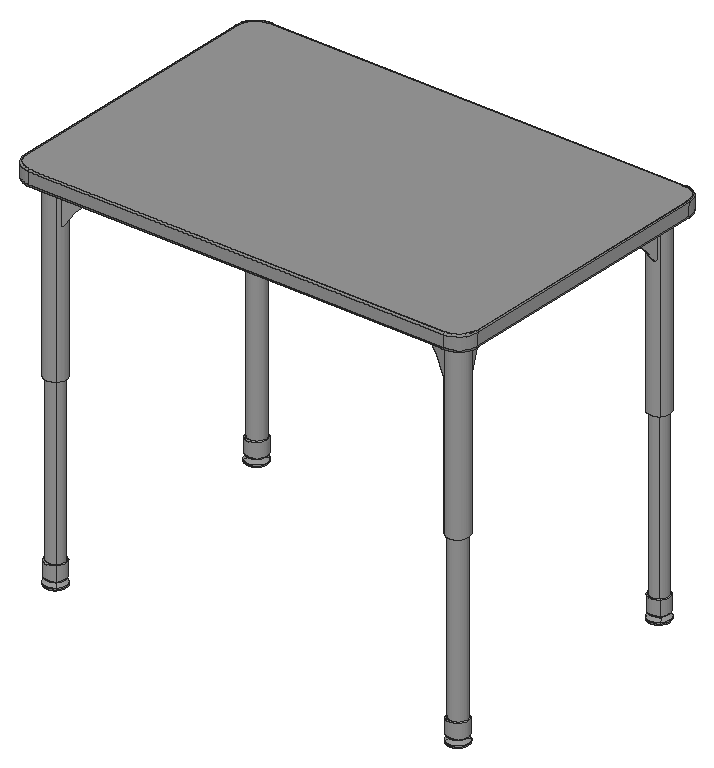
Revit family "Hierarchy Activity 36x24 Rectangle Table", category Furniture, Revit 2018
Family settings
  Work Plane-Based = No
  Always vertical = Yes
  Cut with Voids When Loaded = No
  Shared = No
  Room Calculation Point = No
Parameters
  Table Height = 2' - 5"
  Surface = Hierarchy Activity 36x24 Rectangle Table Surface
  Leg Finish = Hierarchy Leg Platinum
  Edgeband = Hierarchy Activity 36x24 Rectangle Table Edgeband
  Caster/Glide = Hierarchy Leg - Glide : Hierarchy Leg - Glide
Reference planes (in)
  plane 1 "Center (Front/Back)": y = 0
  plane 2: z = 0
  plane 3 "Center (Left/Right)": x = 0
  plane 4: z = 29
Dimensions and locks (in)
  "Table Height": plane 4 to level
  aligned and locked: plane 2 to level
  aligned and locked: nested 1 to plane 4
Nested families (in)
  nested 1: "Activity 36x24 Tabletop" at (0, 0, 5.075), type "Activity 36x24 Tabletop"
  nested 2: "Hierarchy Leg - Glide" at (-16, 10, 0) x (0.7071, 0.7071, 0) z (0, 0, 1), Leg Height <- "Table Height", type <- "Caster/Glide", Leg Finish <- "Leg Finish", type "Hierarchy Leg - Glide"
  nested 3: "Hierarchy Leg - Glide" at (16, 10, 0) x (-0.7071, 0.7071, 0) z (0, 0, 1), Leg Height <- "Table Height", Leg Finish <- "Leg Finish", type "Hierarchy Leg - Glide"
    with Leg Height 2' - 5", Leg Finish Hierarchy Leg Platinum
  nested 4: "Hierarchy Leg - Glide" at (-16, -10, 0) x (0.7071, -0.7071, 0) z (0, 0, 1), Leg Height <- "Table Height", type <- "Caster/Glide", Leg Finish <- "Leg Finish", type "Hierarchy Leg - Glide"
    with Leg Height 2' - 5", Leg Finish Hierarchy Leg Platinum
  nested 5: "Hierarchy Leg - Glide" at (16, -10, 0) x (-0.7071, -0.7071, 0) z (0, 0, 1), Leg Height <- "Table Height", Leg Finish <- "Leg Finish", type "Hierarchy Leg - Glide"
    with Leg Height 2' - 5", Leg Finish Hierarchy Leg Platinum
Definition of nested family "Activity 36x24 Tabletop"
  Parameters (values of type "Activity 36x24 Tabletop")
    Surface = none
    Edgeband = none
  Reference planes (in)
    plane 1 "Center (Front/Back)": y = 0
    plane 2: z = 0
    plane 3 "Center (Left/Right)": x = 0
  Forms (in)
    Extrusion 1, solid, material <- "Surface"
      sketch origin (0, 0, 0) x (1, 0, 0) y (0, 1, 0)
        loop
          line (16.5, 11.88189) -> (-16.5, 11.88189)
          arc (-16.5, 11.88189) -> (-17.47714, 11.47714) -> (-17.88189, 10.5) r 1.38189
          line (-17.88189, 10.5) -> (-17.88189, -10.5)
          arc (-17.88189, -10.5) -> (-17.47714, -11.47714) -> (-16.5, -11.88189) r 1.38189
          line (-16.5, -11.88189) -> (16.5, -11.88189)
          arc (16.5, -11.88189) -> (17.47714, -11.47714) -> (17.88189, -10.5) r 1.38189
          line (17.88189, -10.5) -> (17.88189, 10.5)
          arc (17.88189, 10.5) -> (17.47714, 11.47714) -> (16.5, 11.88189) r 1.38189
      from 23.925 to 25.125
    Sweep 2, solid, material <- "Edgeband"
      path origin (0, 0, 0) x (1, 0, 0) y (0, 1, 0)
        loop
          line (16.5, 11.88189) -> (-16.5, 11.88189)
          arc (-16.5, 11.88189) -> (-17.47714, 11.47714) -> (-17.88189, 10.5) r 1.38189
          line (-17.88189, 10.5) -> (-17.88189, -10.5)
          arc (-17.88189, -10.5) -> (-17.47714, -11.47714) -> (-16.5, -11.88189) r 1.38189
          line (-16.5, -11.88189) -> (16.5, -11.88189)
          arc (16.5, -11.88189) -> (17.47714, -11.47714) -> (17.88189, -10.5) r 1.38189
          line (17.88189, -10.5) -> (17.88189, 10.5)
          arc (17.88189, 10.5) -> (17.47714, 11.47714) -> (16.5, 11.88189) r 1.38189
      profile origin (0, 11.88189, 0) x (0, -1, 0) y (0, 0, 1)
        loop
          arc (0, 25.125) -> (-0.08352, 25.09041) -> (-0.11811, 25.00689) r 0.11811
          line (-0.11811, 25.00689) -> (-0.11811, 24.04311)
          arc (-0.11811, 24.04311) -> (-0.08352, 23.95959) -> (0, 23.925) r 0.11811
          line (0, 23.925) -> (0, 25.125)
  Dimensions and locks (in)
    aligned and locked: plane 2 to level
Definition of nested family "Hierarchy Leg - Glide"
  Parameters (values of type "Hierarchy Leg - Glide")
    Leg Finish [instance] = none
    Leg Height [instance] = 2' - 5"
  Reference planes (in)
    plane 1 "Center (Front/Back)": y = 0
    plane 2: z = 0
    plane 3 "Center (Left/Right)": x = 0
  Forms (in)
    Extrusion 1, solid
      sketch origin (-0.01562, 0, 0) x (1, 0, 0) y (0, 1, 0)
        loop
          circle (0.01563, 0) r 0.67016
      from 0.67618 to 16.17618
    Revolve 2, solid
      sketch origin (0, 0, 0) x (1, 0, 0) y (0, 0, 1)
        loop
          line (-0.73189, 1.80118) -> (-0.79439, 1.73867) -> (-0.79439, 0.61381) -> (-0.73176, 0.55118) -> (-0.125, 0.55118) -> (-0.125, 0.42618) -> (-0.84656, 0.16241) -> (-0.84656, 0.08994) -> (-0.81359, 0) -> (0, 0) -> (0, 1.80118) -> (-0.73189, 1.80118)
        axis (0, 1.80118) -> (0, 0)
      angle from 0 to 360
  Dimensions and locks (in)
    "Leg Height": nested 1 to level
    aligned and locked: plane 2 to level
  Automatic sketch dimensions
    plane 1 "Center (Front/Back)" to Extrusion 1 sketch curve = 0' - 0"
    Extrusion 1 sketch curve to plane 3 "Center (Left/Right)" = 0' - 0"
    Revolve 2 sketch curve to level = 0' - 0"
    Revolve 2 sketch curve to plane 3 "Center (Left/Right)" = 0' - 0"  (x2)
    Revolve 2 sketch curve to plane 3 "Center (Left/Right)" = 0' - 0 1/8"
    Revolve 2 sketch curve to Revolve 2 sketch curve = 0' - 0.60676"
    Revolve 2 sketch curve to Revolve 2 sketch curve = 0' - 0.73189"
    Revolve 2 sketch curve to Revolve 2 sketch curve = 0' - 0.06263"  (x2)
    Revolve 2 sketch curve to Revolve 2 sketch curve = 0' - 0.08183"
    Revolve 2 sketch curve to Revolve 2 sketch curve = 0' - 0.03297"
    level to Revolve 2 sketch curve = 0' - 0.08994"
    Revolve 2 sketch curve to Revolve 2 sketch curve = 0' - 0.07247"
    level to Revolve 2 sketch curve = 0' - 0.42618"
    Revolve 2 sketch curve to Revolve 2 sketch curve = 0' - 0 1/8"
    Revolve 2 sketch curve to Revolve 2 sketch curve = 0' - 1.12486"
    Revolve 2 sketch curve to Revolve 2 sketch curve = 0' - 0 1/16"
    Revolve 2 sketch curve to level = 2' - 0"
    Revolve 2 sketch curve to Revolve 2 sketch curve = 8' - 4.91764"
    radius of Extrusion 1 sketch curve = 0' - 0.67016"
  Nested families (in)
    nested 1: "Hierarchy Upper Leg 2023" at (0, 0, 1.19783), Shapes Leg Finish <- "Leg Finish", type "Hierarchy Upper Leg 2023"
      with Shapes Leg Finish none
  Definition of nested family "Hierarchy Upper Leg 2023"
    Parameters (values of type "Hierarchy Upper Leg 2023")
      Shapes Leg Finish [instance] = none
    Reference planes (in)
      plane 1 "Center (Front/Back)": y = 0
      plane 2: z = 0
      plane 3 "Center (Left/Right)": x = 0
    Forms (in)
      Extrusion 1, solid, material <- "Shapes Leg Finish"
        sketch origin (0, 0, 0) x (1, 0, 0) y (0, 1, 0)
          loop
            circle (0, 0) r 0.84802
        from 13.67618 to 27.67618
      Extrusion 2, solid, material <- "Shapes Leg Finish"
        sketch origin (0, 0, 0) x (1, 0, 0) y (0, 1, 0)
          loop
            line (-1.70174, 0.19183) -> (-2.88626, -2.26116)
            arc (-2.88626, -2.26116) -> (-2.83993, -3.09822) -> (-2.1063, -3.50394) r 0.86614
            line (-2.1063, -3.50394) -> (2.1063, -3.50394)
            arc (2.1063, -3.50394) -> (2.83993, -3.09822) -> (2.88626, -2.26116) r 0.86614
            line (2.88626, -2.26116) -> (1.70174, 0.19183)
            arc (1.70174, 0.19183) -> (0, 1.25984) -> (-1.70174, 0.19183) r 1.88976
        from 27.67618 to 27.80217
      Extrusion 3, solid, material <- "Shapes Leg Finish"
        sketch origin (-1.48519, 8.66524, 0) x (-0.434844, 0.900506, 0) y (0, 0, 1)
          loop
            line (-9.01425, 27.67618) -> (-11.80952, 27.67618)
            arc (-11.80952, 27.67618) -> (-11.92325, 27.58993) -> (-11.87088, 27.45715) r 0.11811
            arc (-11.87088, 27.45715) -> (-10.39364, 26.29679) -> (-9.23328, 24.81955) r 7.87402
            arc (-9.23328, 24.81955) -> (-9.1005, 24.76717) -> (-9.01425, 24.88091) r 0.11811
            line (-9.01425, 24.88091) -> (-9.01425, 27.67618)
        from -1.94075 to -1.81476
      Extrusion 4, solid, material <- "Shapes Leg Finish"
        sketch origin (1.48519, 8.66524, 0) x (0.434844, 0.900506, 0) y (0, 0, -1)
          loop
            line (-9.01425, -27.67618) -> (-9.01425, -24.88091)
            arc (-9.01425, -24.88091) -> (-9.1005, -24.76717) -> (-9.23328, -24.81955) r 0.11811
            arc (-9.23328, -24.81955) -> (-10.39364, -26.29679) -> (-11.87088, -27.45715) r 7.87402
            arc (-11.87088, -27.45715) -> (-11.92325, -27.58993) -> (-11.80952, -27.67618) r 0.11811
            line (-11.80952, -27.67618) -> (-9.01425, -27.67618)
        from -1.94075 to -1.81476
    Dimensions and locks (in)
      aligned and locked: plane 2 to level
